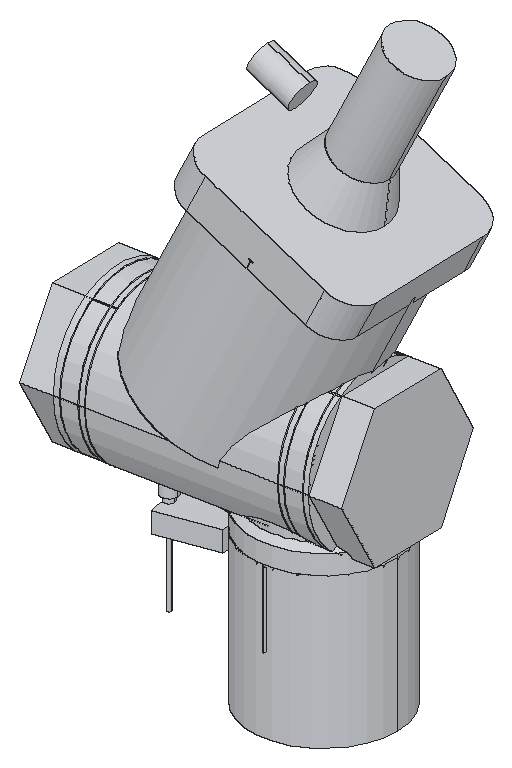
Revit family "PV_Compact_DN032_ 20-80_FF_měř-vyp_RFA_2019", category Pipe Accessories, Revit 2019
Family settings
  Round Connector Dimension = Use Diameter
  Part Type = Valve - Breaks Into
  Work Plane-Based = No
  Always vertical = Yes
  Cut with Voids When Loaded = No
  Shared = No
Parameters (values of type "PV Compact DN32 FF s měřením a vypouštěním (20-80kPa)")
  magiProductId = "e53839f5e58040c69ad69dcf8b7122"
  magiProductFamilyId = "88c57951ecb64b5d83dd1d4eb8fc72"
  magiPartTypeId = 304
  isMeasuringValve [instance] = no
  ang2D [instance] = 0.00°
  Z7 = 15 mm
  Z6 = 40.2 mm
  Z5 = 93.8 mm
  Z4 = 80.4 mm
  Z3 = 13.4 mm
  Z2 = 67 mm
  XR3 = 42.5 mm
  XR2 = 37.5 mm
  XR1 = 25.5 mm
  W2D = 15 mm
  VersionID = "2.0/2018.12.13.2/FRESE_PV_COMPACT_PLUG_Q13_001"
  Use Minimum Symbol Size [instance] = no
  URL = "www.hydronic.cz"
  Type Comments = "závitový s vnitřním závitem; s měřicí vsuvkou a vypouštěním; PN25; dpmax=450kPa; -10~+120°C"
  R5 = 5 mm
  R4 = 15 mm
  R3 = 10 mm
  R2 = 26.5 mm
  R1 = 31.5 mm
  QmdConnectorList = "301;D;302;D"
  Productdata [instance] = ""
  PH__ve = -PH  # -24.6 mm
  PH = 24.6 mm
  NL__ve = -NL  # -20.8 mm
  NL = 20.8 mm
  Manufacturer = "Hydronic Systems Prague s.r.o."
  MC Use Limits From Balancing Method = no
  MC Throttling Minimum Value = 0
  MC Throttling Maximum Value = 0
  MC Product Code = "53-3248 DN32; FF; nastavitelný rozsah dp=20~80kPa; Q=1000~5000l/h;  kvs=10,1"
  MC Pressure Drop Minimum Value = 0.0 Pa
  MC Pressure Drop Maximum Value = 0.0 Pa
  MC Piping Given Pressure Drop [instance] = 0.0 Pa
  M5 = 41.2 mm
  M4 = 39.2 mm
  M3 = 33.2 mm
  M2 = 31.2 mm
  LP = 52 mm
  LM = 62.4 mm
  LL__ve = -LL  # -6.8 mm
  LLT__ve = -LLT  # -22.6 mm
  LLT = 22.6 mm
  LL2 = 43 mm
  LL = 6.8 mm
  L3 = 25 mm
  L2D_Min = 30.48 mm
  L2D = 65 mm
  Description = "Nastavitelný regulátor tlakové diference"
  DR1 = yes
  DR0 = no
  DL2 = 77 mm
  D = 32 mm
  CenSd_R2_6 = R2 * cos(30.00°)  # 22.95 mm
  CAT0 = yes
  C0D1 = yes
  C0D0 = no
Types (10, lengths in mm): name | magiProductId | Z6 | Z5 | Z4 | Z3 | Z2 | XR3 | XR2 | XR1 | R2 | R1 | PH__ve | PH | NL__ve | NL | MC Product Code | M5 | M4 | M3 | M2 | LP | LM | LL__ve | LLT__ve | LLT | LL2 | LL | L3 | DL2 | D | CenSd_R2_6
  PV Compact DN15 FF s měřením a vypouštěním (20-60kPa) | "ebd4dd38c61a47e78db1b31e427098" | 24.6 | 57.4 | 49.2 | 8.2 | 41 | 30 | 25 | 13 | 14 | 19 | -22.4 | 22.4 | -15 | 15 | "53-3243 DN15; FF; nastavitelný rozsah dp=20~60kPa; Q=100~1000l/h;  kvs=2,9" | 32.5 | 30.5 | 24.5 | 22.5 | 37.5 | 45 | -5.7 | -14.9 | 14.9 | 32 | 5.7 | 11 | 66 | 15 | 12.124
  PV Compact DN15 FF s měřením a vypouštěním ( 5-30kPa) | "1e13aaf8f1b54965adca1ab26bd771" | 24.6 | 57.4 | 49.2 | 8.2 | 41 | 30 | 25 | 13 | 14 | 19 | -22.4 | 22.4 | -15 | 15 | "53-3242 DN15; FF; nastavitelný rozsah dp=5~30kPa; Q=50~600l/h;  kvs=2,9" | 32.5 | 30.5 | 24.5 | 22.5 | 37.5 | 45 | -5.7 | -14.9 | 14.9 | 32 | 5.7 | 11 | 66 | 15 | 12.124
  PV Compact DN20 FF s měřením a vypouštěním (20-60kPa) | "6d4e29c475624129ae1d8630218e83" | 24.6 | 57.4 | 49.2 | 8.2 | 41 | 30 | 25 | 13 | 14 | 19 | -22.4 | 22.4 | -15.8 | 15.8 | "53-3245 DN20; FF; nastavitelný rozsah dp=20~60kPa; Q=150~2000l/h;  kvs=3,5" | 33.7 | 31.7 | 25.7 | 23.7 | 39.5 | 47.4 | -5.7 | -14.9 | 14.9 | 32 | 5.7 | 11 | 66 | 20 | 12.124
  PV Compact DN20 FF s měřením a vypouštěním ( 5-30kPa) | "3c7d936801344d2a9486b3d5f20c15" | 24.6 | 57.4 | 49.2 | 8.2 | 41 | 30 | 25 | 13 | 14 | 19 | -22.4 | 22.4 | -15.8 | 15.8 | "53-3244 DN20; FF; nastavitelný rozsah dp=5~30kPa; Q=100~1000l/h;  kvs=3,5" | 33.7 | 31.7 | 25.7 | 23.7 | 39.5 | 47.4 | -5.7 | -14.9 | 14.9 | 32 | 5.7 | 11 | 66 | 20 | 12.124
  PV Compact DN25 FF s měřením a vypouštěním ( 5-30kPa) | "40b783a088714ff8af367f7ba18a04" | 25.5 | 59.5 | 51 | 8.5 | 42.5 | 30 | 25 | 13 | 14 | 19 | -22.8 | 22.8 | -16.6 | 16.6 | "53-3251 DN25; FF; nastavitelný rozsah dp=5~30kPa; Q=600~2100l/h;  kvs=4,0" | 34.9 | 32.9 | 26.9 | 24.9 | 41.5 | 49.8 | -5.9 | -16.3 | 16.3 | 34 | 5.9 | 11 | 68 | 25 | 12.124
  PV Compact DN25L FF s měřením a vypouštěním (20-80kPa) | "7052257d0cc94620b8f60c4ac85ccd" | 40.2 | 93.8 | 80.4 | 13.4 | 67 | 42.5 | 37.5 | 25.5 | 26.5 | 31.5 | -23.6 | 23.6 | -20 | 20 | "53-3247 DN25; FF; nastavitelný rozsah dp=20~80kPa; Q=750~4200l/h;  kvs=8,7" | 40 | 38 | 32 | 30 | 50 | 60 | -6.3 | -19.1 | 19.1 | 38 | 6.3 | 11 | 72 | 25 | 22.95
  PV Compact DN25L FF s měřením a vypouštěním ( 5-30kPa) | "006ff7ff77e34fd39e52f3f4c37192" | 40.2 | 93.8 | 80.4 | 13.4 | 67 | 42.5 | 37.5 | 25.5 | 26.5 | 31.5 | -23.6 | 23.6 | -20 | 20 | "53-3246 DN25L; FF; nastavitelný rozsah dp=5~30kPa; Q=600~2500l/h;  kvs=8,7" | 40 | 38 | 32 | 30 | 50 | 60 | -6.3 | -19.1 | 19.1 | 38 | 6.3 | 11 | 72 | 25 | 22.95
  PV Compact DN32 FF s měřením a vypouštěním (20-80kPa) | "e53839f5e58040c69ad69dcf8b7122" | 40.2 | 93.8 | 80.4 | 13.4 | 67 | 42.5 | 37.5 | 25.5 | 26.5 | 31.5 | -24.6 | 24.6 | -20.8 | 20.8 | "53-3248 DN32; FF; nastavitelný rozsah dp=20~80kPa; Q=1000~5000l/h;  kvs=10,1" | 41.2 | 39.2 | 33.2 | 31.2 | 52 | 62.4 | -6.8 | -22.6 | 22.6 | 43 | 6.8 | 25 | 77 | 32 | 22.95
  PV Compact DN40 FF s měřením a vypouštěním (20-80kPa) | "edae53f0ee9843aa9c005a0dbc2db4" | 46.8 | 109.2 | 93.6 | 15.6 | 78 | 42.5 | 37.5 | 25.5 | 26.5 | 31.5 | -25.2 | 25.2 | -27.6 | 27.6 | "53-3249 DN40; FF; nastavitelný rozsah dp=20~80kPa; Q=3000~8000l/h;  kvs=15,8" | 51.4 | 49.4 | 43.4 | 41.4 | 69 | 82.8 | -7.1 | -24.7 | 24.7 | 46 | 7.1 | 25 | 80 | 40 | 22.95
  PV Compact DN50 FF s měřením a vypouštěním (20-80kPa) | "7572286e99104aaeaae4a504f9a6dd" | 46.8 | 109.2 | 93.6 | 15.6 | 78 | 42.5 | 37.5 | 25.5 | 35.25 | 31.5 | -26.4 | 26.4 | -27.6 | 27.6 | "53-3250 DN50; FF; nastavitelný rozsah dp=20~80kPa; Q=5000~11500l/h;  kvs=16,2" | 51.4 | 49.4 | 43.4 | 41.4 | 69 | 82.8 | -7.7 | -28.9 | 28.9 | 52 | 7.7 | 25 | 86 | 50 | 30.527
Reference planes
  plane 1 "Center (Front/Back)": y = 0
  plane 2 "XYPLANE": z = 0
  plane 3 "Center (Left/Right)": x = 0
  plane 4 "408": x = 52
  plane 5 "407": x = -52
  plane 6 "402": z = -77
  plane 7 "213": x = 25
  plane 8 "168": z = -18.6
  plane 9 "167": z = -20.6
  plane 10 "166": z = -27.4
  plane 11 "165": z = -34.2
  plane 12 "164": z = -36.2
  plane 13 "154": z = 0
  plane 14 "152": y = 0
  plane 15 "151": z = -43
  plane 16 "150": x = -25
  plane 17 "75": through (307.08, 0, 685.28) normal (0.891, 0, -0.454)
  plane 18 "74": x = 41.2
  plane 19 "73": x = 39.2
  plane 20 "72": x = 33.2
  plane 21 "71": x = 31.2
  plane 22 "70": x = -41.2
  plane 23 "69": x = -39.2
  plane 24 "68": x = -33.2
  plane 25 "67": y = 0
  plane 26 "66": through (-666.893, 0, 343.166) normal (0.454, 0, 0.891)
  plane 27 "65": x = -31.2
  plane 28 "64": through (335.147, 0, 670.979) normal (0.891, 0, -0.454)
  plane 29 "63": through (-637.838, 0, 400.19) normal (0.454, 0, 0.891)
  plane 30 "62": through (363.214, 0, 656.678) normal (0.891, 0, -0.454)
  plane 31 "61": y = 31.5
  plane 32 "60": y = -31.5
  plane 33 "59": through (-631.754, 0, 412.13) normal (0.454, 0, 0.891)
  plane 34 "58": through (-625.671, 0, 424.069) normal (0.454, 0, 0.891)
  plane 35 "57": through (302.625, 0, 687.549) normal (0.891, 0, -0.454)
  plane 36 "56": x = 0
  plane 37 "55": through (-668.255, 0, 340.493) normal (0.454, 0, 0.891)
  plane 38 "102XY": through (-668.255, 0, 340.493) normal (0.454, 0, 0.891)
  plane 39 "102XZ": y = 0
  plane 40 "102YZ": through (340.493, 0, 668.255) normal (0.891, 0, -0.454)
Forms (mm)
  Extrusion 1, solid
    sketch origin (52, -750, 0) x (0, 1, 0) y (0, 0, 1)
      loop
        line (776.5, 0) -> (763.25, 22.95) -> (736.75, 22.95) -> (723.5, 0) -> (736.75, -22.95) -> (763.25, -22.95) -> (776.5, 0)
    from 0 to -20.8 <- "NL__ve"
  Extrusion 2, solid
    sketch origin (-52, -750, 0) x (0, 1, 0) y (0, 0, 1)
      loop
        line (723.5, 0) -> (736.75, -22.95) -> (763.25, -22.95) -> (776.5, 0) -> (763.25, 22.95) -> (736.75, 22.95) -> (723.5, 0)
    from 0 to 20.8 <- "NL"
  Extrusion 3, solid, visible <- "C0D1"
    sketch origin (-750, 0, -77) x (1, 0, 0) y (0, 1, 0)
      loop
        circle (775, 0) r 24
    from 0 to 50
  Extrusion 4, solid, visible <- "DR1"
    sketch origin (-750, 0, -27.4) x (1, 0, 0) y (0, 1, 0)
      loop
        line (775, -24.5) -> (780.092, -6) -> (780.092, 6) -> (775, 24.5) -> (750.608, 6) -> (750.608, -6) -> (775, -24.5)
    from 0 to -24.6 <- "PH__ve"
  Extrusion 5, solid, visible <- "DR1"
    sketch origin (-750, 0, -27.4) x (1, 0, 0) y (0, 1, 0)
      loop
        circle (775, 0) r 24
    from 0 to 6.8 <- "LL"
  Blend 6, solid, visible <- "DR1"
    base sketch origin (-750, 0, -18.6) x (1, 0, 0) y (0, 1, 0)
      loop
        circle (775, 0) r 21.5
    top sketch origin (-750, 0, -18.6) x (1, 0, 0) y (0, 1, 0)
      loop
        circle (775, 0) r 24
    from 0 to -2
  Extrusion 7, solid, visible <- "DR1"
    sketch origin (-750, 0, 0) x (1, 0, 0) y (0, 1, 0)
      loop
        circle (775, 0) r 21.5
    from 0 to -22.6 <- "LLT__ve"
  Extrusion 8, solid, visible <- "C0D0"
    sketch origin (-750, 0, -43) x (1, 0, 0) y (0, 1, 0)
      loop
        circle (775, 0) r 20
    from 0 to -25
  Extrusion 9, solid, visible <- "DR0"
    sketch origin (-750, 0, -36.2) x (1, 0, 0) y (0, 1, 0)
      loop
        line (775, -7) -> (775.762, -3.5) -> (775.762, 3.5) -> (775, 7) -> (754.938, 3.5) -> (754.938, -3.5) -> (775, -7)
    from 0 to -6.8 <- "LL__ve"
  Extrusion 10, solid, visible <- "DR0"
    sketch origin (-750, 0, -36.2) x (1, 0, 0) y (0, 1, 0)
      loop
        circle (775, 0) r 21
    from 0 to 2
  Extrusion 11, solid, visible <- "DR0"
    sketch origin (-750, 0, -27.4) x (1, 0, 0) y (0, 1, 0)
      loop
        circle (775, 0) r 23
    from 0 to 6.8 <- "LL"
  Blend 12, solid, visible <- "DR0"
    base sketch origin (-750, 0, -18.6) x (1, 0, 0) y (0, 1, 0)
      loop
        circle (775, 0) r 20.5
    top sketch origin (-750, 0, -18.6) x (1, 0, 0) y (0, 1, 0)
      loop
        circle (775, 0) r 23
    from 0 to -2
  Extrusion 13, solid, visible <- "DR0"
    sketch origin (-750, 0, 0) x (1, 0, 0) y (0, 1, 0)
      loop
        circle (775, 0) r 20.5
    from 0 to -22.6 <- "LLT__ve"
  Extrusion 14, solid, visible <- "DR0"
    sketch origin (-750, 0, 0) x (1, 0, 0) y (0, 1, 0)
      loop
        circle (775, 0) r 20.5
    from 0 to -22.6 <- "LLT__ve"
  Blend 15, solid, visible <- "DR0"
    base sketch origin (-750, 0, -18.6) x (1, 0, 0) y (0, 1, 0)
      loop
        circle (775, 0) r 20.5
    top sketch origin (-750, 0, -18.6) x (1, 0, 0) y (0, 1, 0)
      loop
        circle (775, 0) r 23
    from 0 to -2
  Extrusion 16, solid, visible <- "DR0"
    sketch origin (-750, 0, -27.4) x (1, 0, 0) y (0, 1, 0)
      loop
        circle (775, 0) r 23
    from 0 to 6.8 <- "LL"
  Extrusion 17, solid, visible <- "DR0"
    sketch origin (-750, 0, -34.2) x (1, 0, 0) y (0, 1, 0)
      loop
        circle (775, 0) r 22
    from 0 to 6.8 <- "LL"
  Extrusion 18, solid, visible <- "DR0"
    sketch origin (-750, 0, -36.2) x (1, 0, 0) y (0, 1, 0)
      loop
        circle (775, 0) r 21
    from 0 to 2
  Extrusion 19, solid, visible <- "DR0"
    sketch origin (-750, 0, -36.2) x (1, 0, 0) y (0, 1, 0)
      loop
        line (775, -7) -> (775.762, -3.5) -> (775.762, 3.5) -> (775, 7) -> (754.938, 3.5) -> (754.938, -3.5) -> (775, -7)
    from 0 to -6.8 <- "LL__ve"
  Extrusion 20, solid, visible <- "C0D0"
    sketch origin (-750, 0, -43) x (1, 0, 0) y (0, 1, 0)
      loop
        circle (775, 0) r 20
    from 0 to -25
  Extrusion 21, solid, visible <- "CAT0"
    sketch origin (-750, 0, -43) x (1, 0, 0) y (0, 1, 0)
      loop
        circle (725, 0) r 0.7
    from 0 to -25
  Extrusion 22, solid
    sketch origin (-750, 0, -36.2) x (1, 0, 0) y (0, 1, 0)
      loop
        line (725, -7) -> (745.062, -3.5) -> (745.062, 3.5) -> (725, 7) -> (724.238, 3.5) -> (724.238, -3.5) -> (725, -7)
    from 0 to -6.8 <- "LL__ve"
  Extrusion 23, solid
    sketch origin (-750, 0, -36.2) x (1, 0, 0) y (0, 1, 0)
      loop
        circle (725, 0) r 1.7
    from 0 to 2
  Extrusion 24, solid
    sketch origin (-750, 0, -34.2) x (1, 0, 0) y (0, 1, 0)
      loop
        circle (725, 0) r 2.7
    from 0 to 6.8 <- "LL"
  Extrusion 25, solid
    sketch origin (-750, 0, -27.4) x (1, 0, 0) y (0, 1, 0)
      loop
        circle (725, 0) r 3.7
    from 0 to 6.8 <- "LL"
  Blend 26, solid
    base sketch origin (-750, 0, -18.6) x (1, 0, 0) y (0, 1, 0)
      loop
        circle (725, 0) r 1.2
    top sketch origin (-750, 0, -18.6) x (1, 0, 0) y (0, 1, 0)
      loop
        circle (725, 0) r 3.7
    from 0 to -2
  Extrusion 27, solid
    sketch origin (-750, 0, 0) x (1, 0, 0) y (0, 1, 0)
      loop
        circle (725, 0) r 1.2
    from 0 to -22.6 <- "LLT__ve"
  Blend 28, solid, visible <- "CAT0"
    base sketch origin (39.2, -750, 0) x (0, 1, 0) y (0, 0, 1)
      loop
        circle (750, 0) r 26.5
    top sketch origin (39.2, -750, 0) x (0, 1, 0) y (0, 0, 1)
      loop
        circle (750, 0) r 26.5
    from 0 to 2
  Extrusion 29, solid, visible <- "CAT0"
    sketch origin (33.2, -750, 0) x (0, 1, 0) y (0, 0, 1)
      loop
        circle (750, 0) r 26.5
    from 0 to 6
  Blend 30, solid, visible <- "CAT0"
    base sketch origin (31.2, -750, 0) x (0, 1, 0) y (0, 0, 1)
      loop
        circle (750, 0) r 26.5
    top sketch origin (31.2, -750, 0) x (0, 1, 0) y (0, 0, 1)
      loop
        circle (750, 0) r 26.5
    from 0 to 2
  Blend 31, solid, visible <- "CAT0"
    base sketch origin (-39.2, -750, 0) x (0, 1, 0) y (0, 0, 1)
      loop
        circle (750, 0) r 26.5
    top sketch origin (-39.2, -750, 0) x (0, 1, 0) y (0, 0, 1)
      loop
        circle (750, 0) r 26.5
    from 0 to -2
  Extrusion 32, solid, visible <- "CAT0"
    sketch origin (-39.2, -750, 0) x (0, 1, 0) y (0, 0, 1)
      loop
        circle (750, 0) r 26.5
    from 0 to 6
  Blend 33, solid, visible <- "CAT0"
    base sketch origin (-33.2, -750, 0) x (0, 1, 0) y (0, 0, 1)
      loop
        circle (750, 0) r 26.5
    top sketch origin (-33.2, -750, 0) x (0, 1, 0) y (0, 0, 1)
      loop
        circle (750, 0) r 26.5
    from 0 to 2
  Extrusion 34, solid, visible <- "CAT0"
    sketch origin (-31.2, -750, 0) x (0, 1, 0) y (0, 0, 1)
      loop
        circle (750, 0) r 26.5
    from 0 to 62.4 <- "LM"
  Extrusion 35, solid, visible <- "CAT0"
    sketch origin (-666.893, 0, 343.166) x (0.891007, 0, -0.45399) y (0, 1, 0)
      loop
        circle (744, 0) r 31.5
    from 0 to 67 <- "Z2"
  Extrusion 36, solid, visible <- "CAT0"
    sketch origin (-637.838, 0, 400.19) x (0.891007, 0, -0.45399) y (0, 1, 0)
      loop
        arc (722.5, 31.5) -> (715.429, 28.571) -> (712.5, 21.5) r 10
        line (712.5, 21.5) -> (712.5, -21.5)
        arc (712.5, -21.5) -> (715.429, -28.571) -> (722.5, -31.5) r 10
        line (722.5, -31.5) -> (765.5, -31.5)
        arc (765.5, -31.5) -> (772.571, -28.571) -> (775.5, -21.5) r 10
        line (775.5, -21.5) -> (775.5, 21.5)
        arc (775.5, 21.5) -> (772.571, 28.571) -> (765.5, 31.5) r 10
        line (765.5, 31.5) -> (722.5, 31.5)
    from 0 to 13.4 <- "Z3"
  Blend 37, solid, visible <- "CAT0"
    base sketch origin (-631.754, 0, 412.13) x (0.891007, 0, -0.45399) y (0, 1, 0)
      loop
        circle (744, 0) r 15
    top sketch origin (-631.754, 0, 412.13) x (0.891007, 0, -0.45399) y (0, 1, 0)
      loop
        circle (744, 0) r 10
    from 0 to 13.4
  Extrusion 38, solid, visible <- "CAT0"
    sketch origin (-625.671, 0, 424.069) x (0.891007, 0, -0.45399) y (0, 1, 0)
      loop
        circle (744, 0) r 10
    from 0 to 40.2 <- "Z6"
  Extrusion 39, solid, visible <- "CAT0"
    sketch origin (302.625, 0, 687.549) x (-0.45399, 0, -0.891007) y (0, 1, 0)
      loop
        circle (656.2, 0) r 5
    from 0 to 15 <- "Z7"
  Blend 40, solid, visible <- "CAT0"
    base sketch origin (-668.255, 0, 340.493) x (0.891007, 0, -0.45399) y (0, 1, 0)
      loop
        circle (744, 0) r 27.5
    top sketch origin (-668.255, 0, 340.493) x (0.891007, 0, -0.45399) y (0, 1, 0)
      loop
        circle (744, 0) r 31.5
    from 0 to 3
  Extrusion 41, solid, not visible
    sketch origin (-41.2, -750, 0) x (0, 1, 0) y (0, 0, 1)
      loop
        circle (750, 0) r 22.5
    from 0 to 10
  Extrusion 42, solid, not visible
    sketch origin (41.2, -750, 0) x (0, 1, 0) y (0, 0, 1)
      loop
        circle (750, 0) r 22.5
    from 0 to -10
Lines and regions (mm)
  reference lines, not visible
    curve 1: circle (2, 2, 0) r 1 normal (0, 0, 1)
  reference lines
    curve 2: line (52, 0, 0) -> (52, -3.5, 6.062)
    curve 3: line (52, 0, 0) -> (52, -7, 0)
    curve 4: line (52, 0, 0) -> (52, -3.5, -6.062)
    curve 5: line (-52, 0, 0) -> (-52, 3.5, 6.062)
    curve 6: line (-52, 0, 0) -> (-52, 7, 0)
    curve 7: line (-52, 0, 0) -> (-52, 3.5, -6.062)
Dimensions and locks
  plane 1 "Center (Front/Back)" to curve 1 = 2 mm
  "LP": plane 36 "56" to plane 4 "408"
  "LP": plane 36 "56" to plane 5 "407"
  "DL2": plane 2 "XYPLANE" to plane 6 "402"
  "L3": plane 3 "Center (Left/Right)" to plane 7 "213"
  locked: plane 9 "167" to plane 8 "168" at 2
  "LL": plane 10 "166" to plane 9 "167"
  "LL": plane 11 "165" to plane 10 "166"
  locked: plane 12 "164" to plane 11 "165" at 2
  "LL": plane 15 "151" to plane 12 "164"
  locked: plane 2 "XYPLANE" to plane 13 "154"
  locked: plane 1 "Center (Front/Back)" to plane 14 "152"
  "LL2": plane 2 "XYPLANE" to plane 15 "151"
  "L3": plane 3 "Center (Left/Right)" to plane 16 "150"
  "XR2": plane 40 "102YZ" to plane 17 "75"
  "M5": plane 3 "Center (Left/Right)" to plane 18 "74"
  "M4": plane 3 "Center (Left/Right)" to plane 19 "73"
  "M3": plane 3 "Center (Left/Right)" to plane 20 "72"
  "M2": plane 3 "Center (Left/Right)" to plane 21 "71"
  "M5": plane 3 "Center (Left/Right)" to plane 22 "70"
  "M4": plane 3 "Center (Left/Right)" to plane 23 "69"
  "M3": plane 3 "Center (Left/Right)" to plane 24 "68"
  locked: plane 14 "152" to plane 25 "67"
  locked: plane 38 "102XY" to plane 26 "66" at 3
  "M2": plane 3 "Center (Left/Right)" to plane 27 "65"
  locked: plane 40 "102YZ" to plane 28 "64" at 6
  "Z2": plane 38 "102XY" to plane 29 "63"
  "XR1": plane 40 "102YZ" to plane 30 "62"
  "R1": plane 14 "152" to plane 31 "61"
  "R1": plane 14 "152" to plane 32 "60"
  "Z4": plane 38 "102XY" to plane 33 "59"
  "Z5": plane 38 "102XY" to plane 34 "58"
  "XR3": plane 40 "102YZ" to plane 35 "57"
  locked: plane 3 "Center (Left/Right)" to plane 36 "56"
  locked: plane 38 "102XY" to plane 37 "55"
  "CenSd_R2_6": curve 2 to Extrusion 1 sketch curve  (x2)
  "CenSd_R2_6": curve 3 to Extrusion 1 sketch curve  (x2)
  "CenSd_R2_6": curve 4 to Extrusion 1 sketch curve  (x2)
  Extrusion 1 sketch curve to Extrusion 1 sketch curve = 0 mm  (x12)
  "CenSd_R2_6": curve 5 to Extrusion 2 sketch curve  (x2)
  "CenSd_R2_6": curve 6 to Extrusion 2 sketch curve  (x2)
  "CenSd_R2_6": curve 7 to Extrusion 2 sketch curve  (x2)
  Extrusion 2 sketch curve to Extrusion 2 sketch curve = 0 mm  (x12)
  Extrusion 4 sketch curve to Extrusion 4 sketch curve = 0 mm  (x12)
  Extrusion 9 sketch curve to Extrusion 9 sketch curve = 0 mm  (x12)
  Extrusion 19 sketch curve to Extrusion 19 sketch curve = 0 mm  (x12)
  Extrusion 22 sketch curve to Extrusion 22 sketch curve = 0 mm  (x12)
  Extrusion 36 sketch curve to Extrusion 36 sketch curve = 0 mm  (x16)
  "R2": radius of Blend 28 sketch curve  (x2)
  "R2": radius of Extrusion 29 sketch curve
  "R2": radius of Blend 30 sketch curve  (x2)
  "R2": radius of Blend 31 sketch curve  (x2)
  "R2": radius of Extrusion 32 sketch curve
  "R2": radius of Blend 33 sketch curve  (x2)
  "R2": radius of Extrusion 34 sketch curve
  "R1": radius of Extrusion 35 sketch curve
  radius of Extrusion 36 sketch curve = 10 mm  (x4)
  "R3": radius of Blend 37 sketch curve
  "R4": radius of Blend 37 sketch curve
  "R3": radius of Extrusion 38 sketch curve
  "R5": radius of Extrusion 39 sketch curve
  "R1": radius of Blend 40 sketch curve
  locked: curve 3 to curve 2 (angle 60.00°)
  locked: curve 4 to curve 3 (angle 60.00°)
  locked: curve 4 to curve 2 (angle 120.00°)
  locked: curve 6 to curve 5 (angle 60.00°)
  locked: curve 7 to curve 6 (angle 60.00°)
  locked: curve 7 to curve 5 (angle 120.00°)
  aligned and locked: level to plane 2 "XYPLANE"
  aligned and locked: plane 13 "154" to curve 4
  aligned and locked: curve 4 to plane 14 "152"
  aligned and locked: plane 13 "154" to curve 7
  aligned and locked: curve 7 to plane 14 "152"
  aligned and locked: plane 7 "213" to Extrusion 3 sketch curve
  aligned and locked: plane 14 "152" to Extrusion 3 sketch curve
  aligned and locked: plane 7 "213" to Extrusion 5 sketch curve
  aligned and locked: plane 14 "152" to Extrusion 5 sketch curve
  aligned and locked: plane 7 "213" to Blend 6 sketch curve  (x2)
  aligned and locked: plane 14 "152" to Blend 6 sketch curve  (x2)
  aligned and locked: Blend 6 to plane 9 "167"
  aligned and locked: plane 7 "213" to Extrusion 7 sketch curve
  aligned and locked: plane 14 "152" to Extrusion 7 sketch curve
  aligned and locked: plane 7 "213" to Extrusion 8 sketch curve
  aligned and locked: plane 14 "152" to Extrusion 8 sketch curve
  aligned and locked: plane 7 "213" to Extrusion 10 sketch curve
  aligned and locked: plane 14 "152" to Extrusion 10 sketch curve
  aligned and locked: plane 7 "213" to Extrusion 11 sketch curve
  aligned and locked: plane 14 "152" to Extrusion 11 sketch curve
  aligned and locked: plane 7 "213" to Blend 12 sketch curve  (x2)
  aligned and locked: plane 14 "152" to Blend 12 sketch curve  (x2)
  aligned and locked: Blend 12 to plane 9 "167"
  aligned and locked: plane 7 "213" to Extrusion 13 sketch curve
  aligned and locked: plane 14 "152" to Extrusion 13 sketch curve
  aligned and locked: plane 7 "213" to Extrusion 14 sketch curve
  aligned and locked: plane 14 "152" to Extrusion 14 sketch curve
  aligned and locked: plane 7 "213" to Blend 15 sketch curve  (x2)
  aligned and locked: plane 14 "152" to Blend 15 sketch curve  (x2)
  aligned and locked: Blend 15 to plane 9 "167"
  aligned and locked: plane 7 "213" to Extrusion 16 sketch curve
  aligned and locked: plane 14 "152" to Extrusion 16 sketch curve
  aligned and locked: plane 7 "213" to Extrusion 17 sketch curve
  aligned and locked: plane 14 "152" to Extrusion 17 sketch curve
  aligned and locked: plane 7 "213" to Extrusion 18 sketch curve
  aligned and locked: plane 14 "152" to Extrusion 18 sketch curve
  aligned and locked: plane 7 "213" to Extrusion 20 sketch curve
  aligned and locked: plane 14 "152" to Extrusion 20 sketch curve
  aligned and locked: plane 14 "152" to Extrusion 21 sketch curve
  aligned and locked: plane 16 "150" to Extrusion 21 sketch curve
  aligned and locked: plane 14 "152" to Extrusion 23 sketch curve
  aligned and locked: plane 16 "150" to Extrusion 23 sketch curve
  aligned and locked: plane 14 "152" to Extrusion 24 sketch curve
  aligned and locked: plane 16 "150" to Extrusion 24 sketch curve
  aligned and locked: plane 14 "152" to Extrusion 25 sketch curve
  aligned and locked: plane 16 "150" to Extrusion 25 sketch curve
  aligned and locked: plane 14 "152" to Blend 26 sketch curve  (x2)
  aligned and locked: plane 16 "150" to Blend 26 sketch curve  (x2)
  aligned and locked: Blend 26 to plane 9 "167"
  aligned and locked: plane 14 "152" to Extrusion 27 sketch curve
  aligned and locked: plane 16 "150" to Extrusion 27 sketch curve
  aligned and locked: plane 13 "154" to Blend 28 sketch curve  (x2)
  aligned and locked: Blend 28 sketch curve to plane 14 "152"  (x2)
  aligned and locked: plane 18 "74" to Blend 28
  aligned and locked: plane 13 "154" to Extrusion 29 sketch curve
  aligned and locked: Extrusion 29 sketch curve to plane 14 "152"
  aligned and locked: plane 13 "154" to Blend 30 sketch curve  (x2)
  aligned and locked: Blend 30 sketch curve to plane 14 "152"  (x2)
  aligned and locked: plane 20 "72" to Blend 30
  aligned and locked: plane 13 "154" to Blend 31 sketch curve  (x2)
  aligned and locked: Blend 31 sketch curve to plane 14 "152"  (x2)
  aligned and locked: Blend 31 to plane 22 "70"
  aligned and locked: plane 13 "154" to Extrusion 32 sketch curve
  aligned and locked: Extrusion 32 sketch curve to plane 14 "152"
  aligned and locked: plane 13 "154" to Blend 33 sketch curve  (x2)
  aligned and locked: Blend 33 sketch curve to plane 14 "152"  (x2)
  aligned and locked: plane 27 "65" to Blend 33
  aligned and locked: plane 13 "154" to Extrusion 34 sketch curve
  aligned and locked: Extrusion 34 sketch curve to plane 14 "152"
  aligned and locked: plane 25 "67" to Extrusion 35 sketch curve
  aligned and locked: Extrusion 35 sketch curve to plane 28 "64"
  aligned and locked: Extrusion 36 sketch curve to plane 17 "75"
  aligned and locked: Extrusion 36 sketch curve to plane 32 "60"
  aligned and locked: Extrusion 36 sketch curve to plane 30 "62"
  aligned and locked: plane 31 "61" to Extrusion 36 sketch curve
  aligned and locked: plane 25 "67" to Blend 37 sketch curve  (x2)
  aligned and locked: Blend 37 sketch curve to plane 28 "64"  (x2)
  aligned and locked: plane 34 "58" to Blend 37
  aligned and locked: plane 25 "67" to Extrusion 38 sketch curve
  aligned and locked: Extrusion 38 sketch curve to plane 28 "64"
  aligned and locked: plane 25 "67" to Extrusion 39 sketch curve
  aligned and locked: plane 34 "58" to Extrusion 39 sketch curve
  aligned and locked: plane 25 "67" to Blend 40 sketch curve  (x2)
  aligned and locked: Blend 40 sketch curve to plane 28 "64"  (x2)
  aligned and locked: plane 26 "66" to Blend 40
  aligned and locked: plane 13 "154" to Extrusion 41 sketch curve
  aligned and locked: Extrusion 41 sketch curve to plane 14 "152"
  aligned and locked: plane 13 "154" to Extrusion 42 sketch curve
  aligned and locked: Extrusion 42 sketch curve to plane 14 "152"
Automatic sketch dimensions
  plane 3 "Center (Left/Right)" to Extrusion 3 sketch curve = 1 mm
  Extrusion 4 sketch curve to plane 7 "213" = 0 mm  (x2)
  plane 3 "Center (Left/Right)" to Extrusion 4 sketch curve = 0.608 mm
  Extrusion 4 sketch curve to plane 21 "71" = 1.108 mm
  plane 32 "60" to Extrusion 4 sketch curve = 7 mm
  plane 1 "Center (Front/Back)" to Extrusion 4 sketch curve = 6 mm  (x2)
  Extrusion 4 sketch curve to plane 1 "Center (Front/Back)" = 6 mm  (x2)
  Extrusion 4 sketch curve to plane 31 "61" = 7 mm
  plane 3 "Center (Left/Right)" to Extrusion 5 sketch curve = 1 mm
  plane 3 "Center (Left/Right)" to Blend 6 sketch curve = 3.5 mm
  plane 3 "Center (Left/Right)" to Blend 6 sketch curve = 1 mm
  plane 3 "Center (Left/Right)" to Extrusion 7 sketch curve = 3.5 mm
  plane 3 "Center (Left/Right)" to Extrusion 8 sketch curve = 5 mm
  Extrusion 9 sketch curve to plane 7 "213" = 0 mm  (x2)
  plane 3 "Center (Left/Right)" to Extrusion 9 sketch curve = 4.938 mm
  Extrusion 9 sketch curve to plane 21 "71" = 5.438 mm
  plane 1 "Center (Front/Back)" to Extrusion 9 sketch curve = 7 mm
  plane 1 "Center (Front/Back)" to Extrusion 9 sketch curve = 3.5 mm  (x2)
  Extrusion 9 sketch curve to plane 1 "Center (Front/Back)" = 3.5 mm  (x2)
  Extrusion 9 sketch curve to Extrusion 9 sketch curve = 3.5 mm
  plane 3 "Center (Left/Right)" to Extrusion 10 sketch curve = 4 mm
  plane 3 "Center (Left/Right)" to Extrusion 11 sketch curve = 2 mm
  plane 3 "Center (Left/Right)" to Blend 12 sketch curve = 4.5 mm
  plane 3 "Center (Left/Right)" to Blend 12 sketch curve = 2 mm
  plane 3 "Center (Left/Right)" to Extrusion 13 sketch curve = 4.5 mm
  plane 3 "Center (Left/Right)" to Extrusion 14 sketch curve = 4.5 mm
  plane 3 "Center (Left/Right)" to Blend 15 sketch curve = 4.5 mm
  plane 3 "Center (Left/Right)" to Blend 15 sketch curve = 2 mm
  plane 3 "Center (Left/Right)" to Extrusion 16 sketch curve = 2 mm
  plane 3 "Center (Left/Right)" to Extrusion 17 sketch curve = 3 mm
  plane 3 "Center (Left/Right)" to Extrusion 18 sketch curve = 4 mm
  Extrusion 19 sketch curve to plane 7 "213" = 0 mm  (x2)
  plane 3 "Center (Left/Right)" to Extrusion 19 sketch curve = 4.938 mm
  Extrusion 19 sketch curve to plane 21 "71" = 5.438 mm
  plane 1 "Center (Front/Back)" to Extrusion 19 sketch curve = 7 mm
  plane 1 "Center (Front/Back)" to Extrusion 19 sketch curve = 3.5 mm  (x2)
  Extrusion 19 sketch curve to plane 1 "Center (Front/Back)" = 3.5 mm  (x2)
  Extrusion 19 sketch curve to Extrusion 19 sketch curve = 3.5 mm
  plane 3 "Center (Left/Right)" to Extrusion 20 sketch curve = 5 mm
  plane 27 "65" to Extrusion 21 sketch curve = 5.5 mm
  Extrusion 22 sketch curve to plane 16 "150" = 0 mm  (x2)
  plane 27 "65" to Extrusion 22 sketch curve = 5.438 mm
  Extrusion 22 sketch curve to plane 3 "Center (Left/Right)" = 4.938 mm
  plane 1 "Center (Front/Back)" to Extrusion 22 sketch curve = 7 mm
  plane 1 "Center (Front/Back)" to Extrusion 22 sketch curve = 3.5 mm  (x2)
  Extrusion 22 sketch curve to plane 1 "Center (Front/Back)" = 3.5 mm  (x2)
  Extrusion 22 sketch curve to Extrusion 22 sketch curve = 3.5 mm
  plane 27 "65" to Extrusion 23 sketch curve = 4.5 mm
  plane 27 "65" to Extrusion 24 sketch curve = 3.5 mm
  plane 27 "65" to Extrusion 25 sketch curve = 2.5 mm
  plane 27 "65" to Blend 26 sketch curve = 5 mm
  plane 27 "65" to Blend 26 sketch curve = 2.5 mm
  plane 27 "65" to Extrusion 27 sketch curve = 5 mm
  plane 17 "75" to Blend 40 sketch curve = 4 mm
  plane 32 "60" to Extrusion 41 sketch curve = 9 mm
  plane 32 "60" to Extrusion 42 sketch curve = 9 mm
  plane 3 "Center (Left/Right)" to curve 1 = 2 mm
  radius of curve 1 = 1 mm
Connectors
  piping at (-41.2, 0, 0), diameter 32, driven by "D"
    settings: on Extrusion 41, index 1, connector inside diameter 609.6 mm, connector length 0 mm, flow factor 0, pipe flow 0.0 L/s, pressure drop 0.0 Pa, fitting loss kfactor 0, connector angle 0.00°, fixture units 0, engagement length 0 mm, angle of deflection 0.00°, flow configuration 0, flow direction 0, fitting loss method 0, system type 29, joint type 0, gender type 0, connector reference index 2, connector utility 0, adjustable connector no, is connector primary yes, connector description ""
  piping at (41.2, 0, 0), diameter 32, driven by "D"
    settings: on Extrusion 42, index 2, connector inside diameter 609.6 mm, connector length 0 mm, flow factor 0, pipe flow 0.0 L/s, pressure drop 0.0 Pa, fitting loss kfactor 0, connector angle 0.00°, fixture units 0, engagement length 0 mm, angle of deflection 0.00°, flow configuration 0, flow direction 0, fitting loss method 0, system type 29, joint type 0, gender type 0, connector reference index 1, connector utility 0, adjustable connector no, is connector primary no, connector description ""
